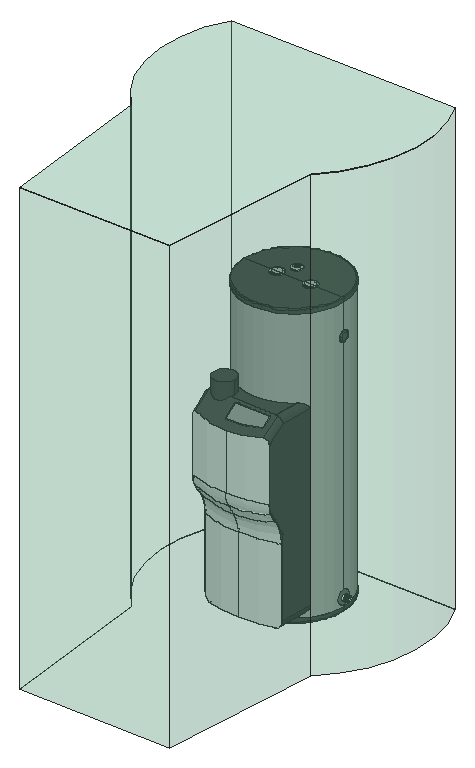
Revit family "Innovo GB_IR 32 380 GB LP", category Mechanical Equipment, Revit 2015
Parameters (values of type "IR-32-380 GB LP")
  Workspace Radius = Diameter + 170 mm  # 780 mm
  Workspace Height = Height + 1000 mm  # 2745 mm
  Workspace Front Distance = 1000 mm
  Working only during off-peak hour = no
  Width = Diameter  # 610 mm
  Workspace [instance] = yes
  Water heating energy efficiency class (2) = "-"
  Water heating energy efficiency class (1) = "A"  # constant formula
  Water heating energy efficiency (2) = "-"
  Water heating energy efficiency (1) = "91%"
  Warranty on tank = "36 months"  # constant formula
  Warranty on parts = "12 months"  # constant formula
  Voltage = 230 V  # constant formula
  Valve Height 02 = if(and(Height = 1745 mm, Diameter = 675 mm), 1518 mm, if(and(Height = 1745 mm, Diameter = 610 mm), 1534 mm, if(Height = 1545 mm, 1328 mm, 1070 mm)))  # 1534 mm
  Valve Height 01 = if(and(Diameter > 560 mm), 693 mm, 604 mm)  # 693 mm
  URL = "www.aosmith.co.uk"
  Type of Packaging = "Carton and Wood"  # constant formula
  Transport Weight = 153 kg
  Trade mark = "A.O. Smith"  # constant formula
  Thermostat temperature setting = 65 °C  # constant formula
  T&P Connection Rp = 1"
  Storage Capacity = 285.0 L
  Standard Set For = "G20"
  Stand-by Loss - daily (24h) = 0 W
  Stand-by Loss = 0 W
  Smart control = no
  Serial Number = "8717449286231"
  Seasonal Energy Efficiency Rating = [Energy Efficiency Rating (Hs, acc NEN-EN 89-1999)]  # 97
  Recovery Rate @ ΔT = 70°C = 290.0 L/s
  Recovery Rate @ ΔT = 55°C = 370.0 L/s
  Recovery Rate @ ΔT = 50°C = 410.0 L/s
  Recovery Rate @ ΔT = 44°C = 460.0 L/s
  Recovery Rate @ ΔT = 28°C = 740.0 L/s
  Product Instruction Link = ""
  Product Documentation Link = ""
  Precaustions during assembling, installation or maintenance = "see User, Installation, Service and Maintenance Manual"  # constant formula
  Power Consumption (peak) = 105 W
  Power Consumption (nominal) = 51 W
  Phase = 1
  Packaging Width = 786 mm  # constant formula
  Packaging Length = 946 mm  # constant formula
  Packaging Height = 1895 mm
  Other load profile = "-"
  Operating Weight = 438 kg
  Nominal Output = "23800"
  Nominal Heat Input (Net) = "22000"
  Nominal Heat Input (Gross) = "23900"
  Noice-level dB (A) = "<45"  # constant formula
  NOx Emissions mg/kWh = "33"
  NOx Emissions (air free, 0% O2) ppm = "21"
  Model identifier = "IR-24-285"
  Model = "IR-24-285 GB NAT"
  Min. Setpoint = 40 °C  # constant formula
  Max. Setpoint = 85 °C  # constant formula
  Max. Operating Pressure = 800000.0 Pa
  Max. Flue Gas Outlet Temperature = 57 °C
  Manufacturer Number = "E 7110"  # constant formula
  Manufacturer = "A.O. Smith Water Products Company b.v."  # constant formula
  Maintenance Interval = "12 months"  # constant formula
  Load profile = "XXL"
  Length = 780 mm  # constant formula
  Insulation Thickness = 44 mm
  Installation Type = "B23/C13/C33/C43/C53/C63"  # constant formula
  Indoor sound power level = "53 dB"
  Hot / Warm Water Connection R = 1"
  Height Warm Water Outlet = 1745 mm
  Height Gas Connection = 905 mm
  Height Flue Outlet = 1350 mm
  Height Cold Water Inlet = 170 mm
  Height Air Inlet = 1350 mm
  Height = 1745 mm
  Heating Up Time @ ΔT = 70°C = "49"
  Heating Up Time @ ΔT = 55°C = "39"
  Heating Up Time @ ΔT = 50°C = "35"
  Heating Up Time @ ΔT = 44°C = "31"
  Heating Up Time @ ΔT = 28°C = "20"
  Gas Supply Pressure = 2000.0 Pa
  Gas Flow Rate - Volume ltr/hr = "2.3"
  Gas Flow Rate - Mass kg/h = "n.a."
  Gas Connection R = 15"  # constant formula
  Gas Category = "II2E3P"  # constant formula
  Frequency = 50 Hz  # constant formula
  Flue Diameter - water heater = "80/125 mm/mm"  # constant formula
  Flue Diameter - parallel system = "2x80"  # constant formula
  Flue Diameter - concentric system = "80/125 mm/mm"  # constant formula
  Energy Efficiency Rating (Hs, acc NEN-EN 89-1999) = 97
  Energy Efficiency Rating (Hi, acc NEN-EN 89-1999) = 108
  Empty Weight = 136 kg
  Draw-off Capacity @ ΔT = 70°C after 90 min. = 630.0 L
  Draw-off Capacity @ ΔT = 70°C after 60 min. = 480.0 L
  Draw-off Capacity @ ΔT = 70°C after 30 min. = 340.0 L
  Draw-off Capacity @ ΔT = 70°C after 120 min. = 780.0 L
  Draw-off Capacity @ ΔT = 55°C after 90 min. = 830.0 L
  Draw-off Capacity @ ΔT = 55°C after 60 min. = 650.0 L
  Draw-off Capacity @ ΔT = 55°C after 30 min. = 460.0 L
  Draw-off Capacity @ ΔT = 55°C after 120 min. = 1100.0 L
  Draw-off Capacity @ ΔT = 50°C after 90 min. = 920.0 L
  Draw-off Capacity @ ΔT = 50°C after 60 min. = 720.0 L
  Draw-off Capacity @ ΔT = 50°C after 30 min. = 510.0 L
  Draw-off Capacity @ ΔT = 50°C after 120 min. = 1200.0 L
  Draw-off Capacity @ ΔT = 44°C after 90 min. = 1100.0 L
  Draw-off Capacity @ ΔT = 44°C after 60 min. = 820.0 L
  Draw-off Capacity @ ΔT = 44°C after 30 min. = 590.0 L
  Draw-off Capacity @ ΔT = 44°C after 120 min. = 1300.0 L
  Draw-off Capacity @ ΔT = 28°C after 90 min. = 1700.0 L
  Draw-off Capacity @ ΔT = 28°C after 60 min. = 1400.0 L
  Draw-off Capacity @ ΔT = 28°C after 30 min. = 960.0 L
  Draw-off Capacity @ ΔT = 28°C after 120 min. = 2100.0 L
  Drain Valve Connection Rp = 3/4"  # constant formula
  Diameter = 610 mm
  Destination / Country = "UK & Ireland"  # constant formula
  Description = "Condensing High Efficiency Storage Water Heater"  # constant formula
  Default Setpoint = 65 °C  # constant formula
  Created By = "http://www.cadcompany.nl/"
  Condens Discharge Connection = 40 mm  # constant formula
  Cold Water Connection R = 3/4"  # constant formula
  Co2 Emissions (tol. +/- 1.0) vol% = "9.3"
  CE-PIN = "0063CQ3037"  # constant formula
  BIM Content Developer = "CAD & Company"  # constant formula
  Assembly Code = "D3010"
  Annual fuel consumption (2) = "-"
  Annual fuel consumption (1) = "21 GJ GCV"
  Annual electricity consumption (2) = "-"
  Annual electricity consumption (1) = "45 kWh"
  APS Pressure < = 210.0 Pa
  2nd Maintenance (general maintenance) = "12 months after installation"  # constant formula
  1e Maintenance (check-up) = "3 months after installation"  # constant formula
Reference planes
  plane 1 "Center (Front/Back)": y = 0
  plane 2: z = 0
  plane 3 "Center (Left/Right)": x = 0
  plane 4 "Pipe": through (-383.901, 912.349, 194.799) normal (-0.0879, -0.0879, 0.9923)
  plane 5 "footing": y = 118.925
  plane 6 "footing front": y = -237.85
  plane 7: x = -305
  plane 8: x = 305
  plane 9: z = 1745
Forms (mm)
  Revolve 1, solid, material "RAL 9005", detail levels medium+fine
    sketch origin (0, -237.85, 0) x (-1, 0, 0) y (0, 0, 1)
      loop
        line (0, 28.9) -> (-15, 28.9) -> (-15, 26.4) -> (-8.671, 26.4) -> (-8.671, 18) -> (-5.686, 18) -> (-6.626, 17.06) -> (-6.626, 12.06) -> (-8.671, 12.06) -> (-8.671, 10) -> (-10.031, 10) -> (-23.271, 5.181)
        arc (-23.271, 5.181) -> (-23.763, 4.836) -> (-24.017, 4.293) r 1.159
        line (-24.017, 4.293) -> (-24.017, 1.03)
        arc (-24.017, 1.03) -> (-23.715, 0.302) -> (-22.986, 0) r 1.03
        line (-22.986, 0) -> (0, 0) -> (0, 28.9)
      axis (0, 28.9) -> (0, 0)
    angle from 0 to 360
  Revolve 2, solid, material "RAL 9005", detail levels medium+fine
    sketch origin (0, 118.925, 0) x (-1, 0, 0) y (0, 0, 1)
      loop
        line (-205.984, 28.9) -> (-220.984, 28.9) -> (-220.984, 26.4) -> (-214.655, 26.4) -> (-214.655, 18) -> (-211.67, 18) -> (-212.61, 17.06) -> (-212.61, 12.06) -> (-214.655, 12.06) -> (-214.655, 10) -> (-216.015, 10) -> (-229.256, 5.181)
        arc (-229.256, 5.181) -> (-229.747, 4.836) -> (-230.001, 4.293) r 1.159
        line (-230.001, 4.293) -> (-230.001, 1.03)
        arc (-230.001, 1.03) -> (-229.699, 0.302) -> (-228.971, 0) r 1.03
        line (-228.971, 0) -> (-205.984, 0) -> (-205.984, 28.9)
      axis (-205.984, 28.9) -> (-205.984, 0)
    angle from 0 to 360
  Revolve 3, solid, material "RAL 9005", detail levels medium+fine
    sketch origin (0, 118.925, 0) x (-1, 0, 0) y (0, 0, 1)
      loop
        line (204.016, 28.9) -> (189.016, 28.9) -> (189.016, 26.4) -> (195.345, 26.4) -> (195.345, 18) -> (198.33, 18) -> (197.39, 17.06) -> (197.39, 12.06) -> (195.345, 12.06) -> (195.345, 10) -> (193.985, 10) -> (180.744, 5.181)
        arc (180.744, 5.181) -> (180.253, 4.836) -> (179.999, 4.293) r 1.159
        line (179.999, 4.293) -> (179.999, 1.03)
        arc (179.999, 1.03) -> (180.301, 0.302) -> (181.029, 0) r 1.03
        line (181.029, 0) -> (204.016, 0) -> (204.016, 28.9)
      axis (204.016, 28.9) -> (204.016, 0)
    angle from 0 to 360
Lines and regions (mm)
  symbolic lines
    curve 1: line (0, 280.06, 0) -> (0, -280.06, 0)
    curve 2: line (-280.06, 0, 0) -> (280.06, 0, 0)
  symbolic lines, style "Workspace"
    curve 3: line (681.142, 380.06, 0) -> (-681.142, 380.06, 0)
    curve 4: arc (-681.142, 380.06, 0) -> (-771.826, -112.627, 0) -> (-544.132, -558.856, 0) r 780
    curve 5: line (-544.132, -558.856, 0) -> (-454.283, -1517.825, 0)
    curve 6: line (-454.283, -1517.825, 0) -> (456.53, -1517.825, 0)
    curve 7: line (456.53, -1517.825, 0) -> (546.343, -556.695, 0)
    curve 8: arc (546.343, -556.695, 0) -> (772.048, -111.097, 0) -> (681.142, 380.06, 0) r 780
Dimensions and locks
  plane 5 "footing" to plane 1 "Center (Front/Back)" = 118.925 mm
  plane 1 "Center (Front/Back)" to plane 6 "footing front" = 237.85 mm
  "Diameter": plane 7 to plane 8
  equal spacing: plane 7, plane 3 "Center (Left/Right)", plane 8
  "Height": plane 9 to plane 2
  "Workspace Front Distance": curve 6 to nested 3
  "Workspace Radius": radius of curve 4
  "Workspace Radius": radius of curve 8
  aligned and locked: level to plane 2
  aligned and locked: nested 3 to Revolve 1 sketch curve
  aligned and locked: plane 3 "Center (Left/Right)" to Revolve 1 sketch curve
  aligned and locked: nested 3 to plane 1 "Center (Front/Back)"
  aligned and locked: plane 3 "Center (Left/Right)" to nested 3
  aligned and locked: nested 1 to plane 8
  aligned and locked: nested 5 to plane 8
  aligned and locked: nested 2 to plane 7
  aligned and locked: nested 4 to plane 7
  aligned and locked: nested 7 to plane 7
  aligned and locked: nested 8 to plane 3 "Center (Left/Right)"
  aligned and locked: plane 1 "Center (Front/Back)" to nested 8
  aligned and locked: nested 8 to nested 3
  aligned and locked: curve 5 to nested 8
  aligned and locked: curve 7 to nested 8
  aligned and locked: curve 3 to nested 8
Automatic sketch dimensions
  Revolve 1 sketch curve to level = 0 mm
  plane 3 "Center (Left/Right)" to Revolve 1 sketch curve = 5.686 mm
  Revolve 1 sketch curve to Revolve 1 sketch curve = 0.94 mm  (x2)
  Revolve 1 sketch curve to Revolve 1 sketch curve = 2.046 mm  (x2)
  Revolve 1 sketch curve to Revolve 1 sketch curve = 1.359 mm
  Revolve 1 sketch curve to Revolve 1 sketch curve = 6.329 mm
  level to Revolve 1 sketch curve = 4.091 mm
  Revolve 1 sketch curve to Revolve 1 sketch curve = 12.844 mm
  level to Revolve 1 sketch curve = 1.03 mm
  Revolve 1 sketch curve to Revolve 1 sketch curve = 0.111 mm
  level to Revolve 1 sketch curve = 5.181 mm
  Revolve 1 sketch curve to Revolve 1 sketch curve = 0.745 mm
  level to Revolve 1 sketch curve = 10 mm
  Revolve 1 sketch curve to Revolve 1 sketch curve = 2.06 mm
  Revolve 1 sketch curve to Revolve 1 sketch curve = 5 mm
  Revolve 1 sketch curve to Revolve 1 sketch curve = 8.4 mm
  Revolve 1 sketch curve to Revolve 1 sketch curve = 2.5 mm
  Revolve 1 sketch curve to level = 19.635 mm
  Revolve 1 sketch curve to Revolve 1 sketch curve = 46.465 mm
  Revolve 2 sketch curve to level = 0 mm
  level to Revolve 2 sketch curve = 1.03 mm
  Revolve 2 sketch curve to plane 8 = 74.999 mm
  level to Revolve 2 sketch curve = 5.181 mm
  Revolve 2 sketch curve to Revolve 2 sketch curve = 0.745 mm
  Revolve 2 sketch curve to Revolve 2 sketch curve = 0.397 mm
  Revolve 2 sketch curve to Revolve 2 sketch curve = 8.271 mm
  Revolve 2 sketch curve to Revolve 2 sketch curve = 13.241 mm
  Revolve 2 sketch curve to Revolve 2 sketch curve = 1.359 mm
  Revolve 2 sketch curve to Revolve 2 sketch curve = 6.329 mm
  Revolve 2 sketch curve to Revolve 2 sketch curve = 2.046 mm
  level to Revolve 2 sketch curve = 18 mm
  Revolve 2 sketch curve to Revolve 2 sketch curve = 0.94 mm  (x2)
  Revolve 2 sketch curve to Revolve 2 sketch curve = 8.671 mm
  Revolve 2 sketch curve to Revolve 2 sketch curve = 1.089 mm
  Revolve 2 sketch curve to Revolve 2 sketch curve = 8 mm
  Revolve 2 sketch curve to Revolve 2 sketch curve = 2.06 mm
  Revolve 2 sketch curve to Revolve 2 sketch curve = 8.4 mm
  Revolve 2 sketch curve to Revolve 2 sketch curve = 2.5 mm
  Revolve 2 sketch curve to Revolve 2 sketch curve = 0 mm
  Revolve 2 sketch curve to level = 19.635 mm
  Revolve 2 sketch curve to Revolve 2 sketch curve = 46.465 mm
  Revolve 3 sketch curve to level = 0 mm
  level to Revolve 3 sketch curve = 1.03 mm
  Revolve 3 sketch curve to plane 7 = 125.001 mm
  level to Revolve 3 sketch curve = 5.181 mm
  Revolve 3 sketch curve to Revolve 3 sketch curve = 0.745 mm
  Revolve 3 sketch curve to Revolve 3 sketch curve = 0.397 mm
  Revolve 3 sketch curve to Revolve 3 sketch curve = 8.271 mm
  Revolve 3 sketch curve to Revolve 3 sketch curve = 13.241 mm
  Revolve 3 sketch curve to Revolve 3 sketch curve = 1.359 mm
  Revolve 3 sketch curve to Revolve 3 sketch curve = 6.329 mm
  Revolve 3 sketch curve to Revolve 3 sketch curve = 2.046 mm
  level to Revolve 3 sketch curve = 18 mm
  Revolve 3 sketch curve to Revolve 3 sketch curve = 0.94 mm  (x2)
  Revolve 3 sketch curve to Revolve 3 sketch curve = 8.671 mm
  Revolve 3 sketch curve to Revolve 3 sketch curve = 1.089 mm
  Revolve 3 sketch curve to Revolve 3 sketch curve = 8 mm
  Revolve 3 sketch curve to Revolve 3 sketch curve = 2.06 mm
  Revolve 3 sketch curve to Revolve 3 sketch curve = 8.4 mm
  Revolve 3 sketch curve to Revolve 3 sketch curve = 2.5 mm
  Revolve 3 sketch curve to Revolve 3 sketch curve = 0 mm
  Revolve 3 sketch curve to level = 19.635 mm
  Revolve 3 sketch curve to Revolve 3 sketch curve = 46.465 mm
  curve 4 to curve 8 = 0 mm  (x2)
  plane 1 "Center (Front/Back)" to curve 2 = 0 mm
  curve 1 to plane 3 "Center (Left/Right)" = 0 mm
  plane 1 "Center (Front/Back)" to curve 4 = 0 mm
  curve 4 to plane 3 "Center (Left/Right)" = 0 mm
  curve 2 to plane 7 = 24.94 mm
  curve 2 to plane 8 = 24.94 mm
  curve 1 to plane 6 "footing front" = 42.21 mm
  plane 5 "footing" to curve 1 = 161.135 mm
Nested families
  nested 1: "Valve" at (305, -0.38, 1534) x (0, 1, 0) z (0, 0, 1), built-in parameter 1001364 <- "Valve Height 02", type "Valve"
  nested 2: "Drain Valve" at (-305, 0, 1534), built-in parameter 1001364 <- "Valve Height 02", type "Drain Valve"
  nested 3: "Housing Mother Housing S 57 (external)" at (0, -299.886, 0), type "Housing Mother_Housing S_57"
    with radius 305 mm, distance to boiler center 154 mm, diameter 610 mm
  nested 4: "Drain Valve" at (-305, 0, 177), type "Drain Valve"
  nested 5: "Drain Valve" at (305, 0, 107) x (-1, 0, 0) z (0, 0, 1), type "Drain Valve"
  nested 6: "Boiler" at (0, 0, 0), height <- "Height", type "Boiler"
    with height 1745 mm, radius 305 mm, Diameter 610 mm
  nested 7: "Drain Valve" at (-305, 0, 693), built-in parameter 1001364 <- "Valve Height 01", type "Drain Valve"
  nested 8: "Innovo_workspace" at (0, 0, 0), Workspace <- "Workspace", Workspace Distance Front <- "Workspace Front Distance", Workspace Height <- "Workspace Height", Workspace Radius <- "Workspace Radius", type "Workspace"
    with Workspace Radius 780 mm, Workspace Height 2745 mm, Workspace Distance Front 1000 mm, Workspace yes, Center to Front 517.825 mm
Connectors
  piping at (339.826, 0, 107), diameter 19.05, driven by "Drain Valve Connection Rp"
    settings: on nested 5, index 1, connector inside diameter 24", connector length 0 mm, flow factor 0, pipe flow 0.0 L/s, pressure drop 0.0 Pa, fitting loss kfactor 0, connector angle 0.00°, fixture units 0, engagement length 0 mm, angle of deflection 0.00°, flow configuration 0, flow direction 0, fitting loss method 0, system type 19, joint type 0, gender type 0, connector reference index -1, connector utility 0, adjustable connector no, is connector primary yes, connector description ""
  hvac at (-147.013, -346.326, 1310.674)
    settings: on nested 3, index 2, duct flow 0.0 L/s, flow factor 0, pres drop 0.0 Pa, loss coef 0, conn angle 0.00°, conn width 304.8 mm, conn height 304.8 mm, conn diameter 125 mm, duct sys type 4, conn prof type 0, flow config 0, flow direction 0, loss method 0, conn ref index -1, conn util no, is conn primary yes, conn desc ""
Definition of nested family "Valve"
  Parameters (values of type "Valve")
    Type Comments = "T&P valve (internal)"
    Manufacturer = "A.O. Smith"
  Reference planes
    plane 1 "Center (Front/Back)": y = 0
    plane 2: z = 0
    plane 3 "Center (Left/Right)": x = 0
  Forms (mm)
    Extrusion 1, solid, detail levels fine
      sketch origin (0, 0, 0) x (1, 0, 0) y (0, 0, 1)
        loop
          circle (0, 0) r 31.5
      from -2.271 to 1.4
    Sweep 2, solid, detail levels fine
      path origin (0, -1.4, 0) x (1, 0, 0) y (0, 0, 1)
        loop
          circle (0, 0) r 31.5
      profile origin (0, -1.4, 31.5) x (0, 0, -1) y (0, -1, 0)
        loop
          line (7.3, 0) -> (7.3, 3) -> (0, 0) -> (7.3, 0)
  Dimensions and locks
    aligned and locked: level to plane 2
Definition of nested family "Drain Valve"
  Reference planes
    plane 1 "Center (Front/Back)": y = 0
    plane 2: z = 0
    plane 3 "Center (Left/Right)": x = 0
  Forms (mm)
    Revolve 1, solid, detail levels medium+fine
      sketch origin (0, 0, 0) x (1, 0, 0) y (0, 0, 1)
        loop
          line (-33.442, 15.696) -> (-34.826, 14.329) -> (-34.93, 12.731) -> (-16.555, 12.731) -> (-16.555, 0) -> (15.787, 0) -> (15.787, 18.3) -> (-14.4, 18.3) -> (-17.148, 15.533) -> (-18.729, 16.697) -> (-20.091, 15.333) -> (-21.672, 16.496) -> (-23.034, 15.133) -> (-24.614, 16.296) -> (-25.976, 14.932) -> (-27.557, 16.096) -> (-28.919, 14.732) -> (-30.5, 15.896) -> (-31.862, 14.532) -> (-33.442, 15.696)
        axis (-34.93, 0) -> (15.787, 0)
      angle from 0 to 360
  Dimensions and locks
    aligned and locked: level to plane 2
  Nested families
    nested 1: "Rubber sealing" at (2.592, -0.155, 0) x (0.0023, -1, 0) z (0, 0, 1), type "Rubber sealing", detail levels fine
  Definition of nested family "Rubber sealing"
    Reference planes
      plane 1 "Center (Front/Back)": y = 0
      plane 2: z = 0
      plane 3 "Center (Left/Right)": x = 0
    Forms (mm)
      Extrusion 1, solid, detail levels fine
        sketch origin (141.861, 319.581, 0) x (1, 0, 0) y (0, 1, 0)
          loop
            line (-216.354, -311.898) -> (-216.354, -313.94)
            arc (-216.354, -313.94) -> (-141.602, -321.581) -> (-66.861, -313.835) r 366.966
            line (-66.861, -313.835) -> (-66.861, -311.791)
            arc (-66.861, -311.791) -> (-141.602, -319.581) -> (-216.354, -311.898) r 364.966
        from -80 to 80
      Extrusion 2, void
        sketch origin (141.861, 319.581, 0) x (1, 0, 0) y (0, 0, 1)
          loop
            circle (-141.861, 0) r 13
          loop
            circle (-141.861, 0) r 110
          loop
            circle (-141.861, 0) r 40
        from 311.563 to 332.684
      Extrusion 3, void
        sketch origin (141.861, 319.581, 0) x (1, 0, 0) y (0, 0, 1)
          loop
            circle (-141.861, 0) r 18.25
        from 315.524 to 326.084
    Cuts and joins
      Extrusion 2, Extrusion 3 cuts Extrusion 1
    Dimensions and locks
      aligned and locked: level to plane 2
Definition of nested family "Housing Mother Housing S 57 (external)"
  Parameters (values of type "Housing Mother_Housing S_57")
    radius [instance] = 280 mm
    distance to boiler center = if(diameter = 675 mm, 189 mm, if(diameter = 610 mm, 154 mm, 129 mm))  # 129 mm
    diameter = 560 mm
  Reference planes
    plane 1 "Center (Front/Back)": y = 0
    plane 2: z = 0
    plane 3 "Center (Left/Right)": x = 0
    plane 4 "left": through (-245.286, 145.886, 1200) normal (0.9994, 0.0349, 0)
    plane 5: y = -217.939
    plane 6: y = 145.886
    plane 7: z = 1232.6
    plane 8: z = 65.89
    plane 9 "right": through (245.286, 145.886, 1200) normal (0.9994, -0.0349, 0)
    plane 10 "display": through (0, -90.37, 1221.196) normal (0, -0.5736, 0.8192)
    plane 11 "Potentiostat": z = 867.899
    plane 12 "boiler center": y = 274.886
    plane 13: x = -280
    plane 14: x = 280
  Forms (mm)
    Extrusion 1, solid
      sketch origin (0, 0, 0) x (1, 0, 0) y (0, 1, 0)
        loop
          line (-245.286, 145.886) -> (-232.581, -217.939) -> (232.581, -217.939) -> (245.286, 145.886)
          arc (245.286, 145.886) -> (0, 0.923) -> (-245.286, 145.886) r 280
      from 0 to 1232.6
    Sweep 2, void
      path origin (0, 0, 0) x (0, 1, 0) y (0, 0, 1)
        loop
          line (-217.939, 1232.6) -> (-217.939, 795.555)
          arc (-217.939, 795.555) -> (-212.387, 754.285) -> (-197.694, 715.322) r 183.924
          arc (-197.694, 715.322) -> (-179.915, 684.628) -> (-159.106, 655.901) r 348.284
          arc (-159.106, 655.901) -> (-131.411, 600.328) -> (-121.88, 538.973) r 202.254
          line (-121.88, 538.973) -> (-121.88, 61.106)
      profile origin (0, -217.939, 1014.077) x (1, 0, 0) y (0, 1, 0)
        loop
          arc (0, 0) -> (-117.533, 9.941) -> (-231.728, 39.475) r 699.984
          arc (-231.728, 39.475) -> (-233.391, 40.705) -> (-234.07, 42.659) r 3.505
          line (-234.07, 42.659) -> (-254.062, 42.659) -> (-254.062, -142.593) -> (254.07, -142.593) -> (254.07, 42.659) -> (234.07, 42.659)
          arc (234.07, 42.659) -> (233.391, 40.705) -> (231.728, 39.475) r 3.505
          arc (231.728, 39.475) -> (117.533, 9.941) -> (0, 0) r 699.984
    Extrusion 3, void
      sketch origin (0, 0, 0) x (0, 1, 0) y (0, 0, 1)
        loop
          arc (102.864, 70.869) -> (99.804, 70.709) -> (96.874, 69.813) r 12.57
          arc (96.874, 69.813) -> (87.878, 66.533) -> (78.516, 64.529) r 69.114
          arc (78.516, 64.529) -> (76.41, 64.284) -> (74.294, 64.148) r 41.206
          arc (74.294, 64.148) -> (65.203, 64.335) -> (56.122, 64.782) r 318.661
          arc (56.122, 64.782) -> (30.585, 66.179) -> (5.028, 67.128) r 1456.581
          line (5.028, 67.128) -> (-84.534, 73.135)
          arc (-84.534, 73.135) -> (-86.363, 73.808) -> (-87.536, 75.365) r 3.455
          line (-87.536, 75.365) -> (-264.473, 75.365) -> (-264.473, 0) -> (160.886, 0) -> (160.886, 103.945) -> (145.886, 103.945)
          arc (145.886, 103.945) -> (145.104, 97.827) -> (142.923, 92.059) r 26.364
          arc (142.923, 92.059) -> (141.067, 88.936) -> (138.867, 86.045) r 31.715
          arc (138.867, 86.045) -> (135.576, 82.49) -> (132.021, 79.2) r 62.615
          arc (132.021, 79.2) -> (125.841, 74.697) -> (119.091, 71.103) r 54.444
          arc (119.091, 71.103) -> (116.371, 70.272) -> (113.531, 70.123) r 11.669
          line (113.531, 70.123) -> (102.864, 70.869)
      from -254.062 to 254.07
    Sweep 4, void
      path origin (0, 0, 0) x (1, 0, 0) y (0, 1, 0)
        loop
          line (-245.286, 145.886) -> (-232.581, -217.939)
      profile origin (-238.933, -36.027, 0) x (0.999391, 0.034899, 0) y (0, 0, 1)
        loop
          line (-4.454, 0) -> (47.084, 0) -> (47.084, 73.431)
          arc (47.084, 73.431) -> (14.222, 85.134) -> (0.255, 117.1) r 43.922
          line (0.255, 117.1) -> (-4.454, 117.1) -> (-4.454, 0)
    Sweep 5, void
      path origin (0, 0, 0) x (-1, 0, 0) y (0, 1, 0)
        loop
          line (-245.286, 145.886) -> (-232.581, -217.939)
      profile origin (238.933, -36.027, 0) x (0.999391, -0.034899, 0) y (0, 0, 1)
        loop
          line (4.454, 0) -> (4.454, 117.1) -> (-0.255, 117.1)
          arc (-0.255, 117.1) -> (-14.222, 85.134) -> (-47.084, 73.431) r 43.922
          line (-47.084, 73.431) -> (-47.084, 0) -> (4.454, 0)
    Sweep 6, void
      path origin (-239.899, -8.377, 0) x (-0.034899, 0.999391, 0) y (0, 0, 1)
        loop
          line (-209.69, 1141.272) -> (-79.18, 1232.6) -> (154.358, 1232.6)
      profile origin (-241.211, 29.188, 1232.6) x (0, 0, 1) y (0.999391, 0.034899, 0)
        loop
          line (-45, -30) -> (75, -30) -> (75, 0) -> (75, 55) -> (2.799, 55) -> (-1.253, 35.128)
          arc (-1.253, 35.128) -> (-16.771, 9.564) -> (-45, -0.308) r 44.287
          line (-45, -0.308) -> (-45, -30)
    Sweep 7, void
      path origin (239.899, -8.377, 0) x (0.034899, 0.999391, 0) y (0, 0, 1)
        loop
          line (-209.69, 1141.272) -> (-79.18, 1232.6) -> (154.358, 1232.6)
      profile origin (241.211, 29.188, 1232.6) x (0, 0, -1) y (-0.999391, 0.034899, 0)
        loop
          line (-75, -25) -> (45, -25) -> (45, -0.308)
          arc (45, -0.308) -> (16.771, 9.564) -> (1.253, 35.128) r 44.287
          line (1.253, 35.128) -> (-2.799, 55) -> (-75, 55) -> (-75, -25)
    Extrusion 8, void
      sketch origin (0, 0, 0) x (0, 1, 0) y (0, 0, 1)
        loop
          line (-270, 1336.099) -> (-270, 1099.081) -> (68.497, 1336.099) -> (-270, 1336.099)
      from -425.038 to 444.42
    Extrusion 9, solid, detail levels medium+fine
      sketch origin (0, 0, 0) x (1, 0, 0) y (0, 1, 0)
        loop
          circle (-147.013, -46.44) r 65
      from 1163.174 to 1310.674
    Extrusion 10, void
      sketch origin (0, -603.506, 861.895) x (0, 0.819152, 0.573576) y (-1, 0, 0)
        loop
          arc (618.322, -173) -> (623.272, -170.95) -> (625.322, -166) r 7
          line (625.322, -166) -> (625.322, 35)
          arc (625.322, 35) -> (623.272, 39.95) -> (618.322, 42) r 7
          line (618.322, 42) -> (535.473, 42)
          arc (535.473, 42) -> (530.688, 40.11) -> (528.488, 35.46) r 7
          arc (528.488, 35.46) -> (531.569, -67.592) -> (554.18, -168.18) r 540
          arc (554.18, -168.18) -> (556.724, -171.668) -> (560.831, -173) r 7
          line (560.831, -173) -> (618.322, -173)
      from 0 to 137.286
    Sweep 11, solid, detail levels fine
      path origin (0, 0, 867.899) x (-1, 0, 0) y (0, -1, 0)
        loop
          line (309.749, -35.617) -> (204.371, -35.617)
          arc (204.371, -35.617) -> (196.509, -34.687) -> (189.082, -31.947) r 33.677
          line (189.082, -31.947) -> (-9.574, 69.274)
      profile origin (-257.06, 35.617, 867.899) x (0, 1, 0) y (0, 0, 1)
        loop
          circle (0, 0) r 7.316
        loop
          circle (0, 0) r 6.465
    Revolve 12, void
      sketch origin (0, 274.886, 0) x (-1, 0, 0) y (0, 0, 1)
        loop
          line (280, 1243.838) -> (0, 1243.838) -> (0, 54.9) -> (280, 54.9) -> (280, 1243.838)
        axis (0, 1243.838) -> (0, 54.9)
      angle from 0 to 360
  Cuts and joins
    Sweep 2, Extrusion 3, Sweep 4, Sweep 5, Sweep 6, Sweep 7, Extrusion 8, Extrusion 10, Revolve 12 cuts Extrusion 1
  Dimensions and locks
    plane 8 to plane 2 = 65.89 mm
    plane 7 to plane 8 = 1166.71 mm
    "distance to boiler center": plane 12 "boiler center" to plane 6
    "diameter": plane 14 to plane 13
    equal spacing: plane 14, plane 3 "Center (Left/Right)", plane 13
    "radius": plane 3 "Center (Left/Right)" to plane 13
    aligned and locked: level to plane 2
    aligned and locked: Extrusion 1 to plane 7
    aligned and locked: Extrusion 1 sketch curve to plane 5
    aligned and locked: Sweep 2 to Extrusion 3
    aligned and locked: Extrusion 3 to Sweep 2  (x2)
    aligned and locked: plane 7 to Sweep 2 sketch curve
    aligned and locked: plane 3 "Center (Left/Right)" to Revolve 12 sketch curve
    aligned and locked: Revolve 12 sketch curve to plane 3 "Center (Left/Right)"
    aligned and locked: plane 13 to Revolve 12 sketch curve
  Automatic sketch dimensions
    Extrusion 1 sketch curve to plane 4 "left" = 0 mm  (x2)
    Extrusion 1 sketch curve to plane 6 = 0 mm  (x2)
    Extrusion 1 sketch curve to plane 3 "Center (Left/Right)" = 0 mm
    Extrusion 1 sketch curve to plane 9 "right" = 0 mm
    plane 6 to Extrusion 1 sketch curve = 135.037 mm
    Sweep 2 sketch curve to plane 5 = 0 mm
    plane 5 to Sweep 2 sketch curve = 106.195 mm
    Sweep 2 sketch curve to plane 5 = 96.059 mm
    plane 1 "Center (Front/Back)" to Sweep 2 sketch curve = 34.053 mm
    plane 11 "Potentiostat" to Sweep 2 sketch curve = 6.417 mm
    Sweep 2 sketch curve to plane 6 = 33.705 mm
    Sweep 2 sketch curve to plane 11 "Potentiostat" = 68.615 mm
    Sweep 2 sketch curve to plane 11 "Potentiostat" = 72.345 mm
    Sweep 2 sketch curve to Sweep 2 sketch curve = 176.349 mm
    Sweep 2 sketch curve to Sweep 2 sketch curve = 0 mm  (x2)
    plane 8 to Sweep 2 sketch curve = 4.784 mm
    Extrusion 3 sketch curve to level = 0 mm
    Extrusion 3 sketch curve to plane 6 = 0 mm
    Extrusion 3 sketch curve to plane 6 = 26.363 mm
    Extrusion 3 sketch curve to Extrusion 3 sketch curve = 4.75 mm
    Extrusion 3 sketch curve to Extrusion 3 sketch curve = 5.179 mm
    Extrusion 3 sketch curve to plane 8 = 4.232 mm
    Extrusion 3 sketch curve to Extrusion 3 sketch curve = 0.814 mm
    Extrusion 3 sketch curve to plane 8 = 4.978 mm
    Extrusion 3 sketch curve to Extrusion 3 sketch curve = 10.667 mm
    Extrusion 3 sketch curve to Extrusion 3 sketch curve = 0.877 mm
    Extrusion 3 sketch curve to Extrusion 3 sketch curve = 17.827 mm
    Extrusion 3 sketch curve to Extrusion 3 sketch curve = 5.646 mm
    Extrusion 3 sketch curve to plane 6 = 69.562 mm
    Extrusion 3 sketch curve to Extrusion 3 sketch curve = 18.6 mm
    Extrusion 3 sketch curve to Extrusion 3 sketch curve = 22.538 mm
    Extrusion 3 sketch curve to plane 8 = 1.238 mm
    Extrusion 3 sketch curve to plane 1 "Center (Front/Back)" = 5.028 mm
    plane 1 "Center (Front/Back)" to Extrusion 3 sketch curve = 36.224 mm
    Extrusion 3 sketch curve to plane 8 = 10.692 mm
    plane 1 "Center (Front/Back)" to Extrusion 3 sketch curve = 84.302 mm
    Extrusion 3 sketch curve to plane 8 = 7.244 mm
    Extrusion 3 sketch curve to Extrusion 3 sketch curve = 0.231 mm
    Extrusion 3 sketch curve to Extrusion 3 sketch curve = 3.234 mm
    plane 5 to Extrusion 3 sketch curve = 46.534 mm
    plane 6 to Extrusion 3 sketch curve = 15 mm
    Extrusion 3 sketch curve to level = 1388.869 mm
    plane 8 to Extrusion 3 sketch curve = 7.561 mm
    Extrusion 3 sketch curve to Extrusion 3 sketch curve = 11.64 mm
    Extrusion 3 sketch curve to plane 8 = 38.054 mm
    Extrusion 3 sketch curve to Extrusion 3 sketch curve = 22.442 mm
    Extrusion 3 sketch curve to plane 8 = 39.432 mm
    Extrusion 3 sketch curve to Extrusion 3 sketch curve = 2.466 mm
    Extrusion 3 sketch curve to Extrusion 3 sketch curve = 14.17 mm
    Extrusion 3 sketch curve to Extrusion 3 sketch curve = 5.925 mm
    Extrusion 3 sketch curve to Extrusion 3 sketch curve = 6.186 mm
    Extrusion 3 sketch curve to Extrusion 3 sketch curve = 249.85 mm
    Extrusion 3 sketch curve to Extrusion 3 sketch curve = 0 mm  (x4)
    Extrusion 3 sketch curve to Extrusion 3 sketch curve = 6.845 mm
    plane 8 to Extrusion 3 sketch curve = 1.743 mm
    Sweep 4 sketch curve to plane 4 "left" = 0 mm  (x2)
    Sweep 4 sketch curve to plane 6 = 0 mm
    plane 5 to Sweep 4 sketch curve = 0 mm
    Sweep 4 sketch curve to level = 0 mm
    profile plane to Sweep 4 sketch curve = 4.454 mm
    Sweep 4 sketch curve to profile plane = 0.255 mm
    Sweep 4 sketch curve to Sweep 4 sketch curve = 43.922 mm
    Sweep 4 sketch curve to profile plane = 47.084 mm
    level to Sweep 4 sketch curve = 73.431 mm
    Sweep 4 sketch curve to Sweep 4 sketch curve = 43.669 mm
    Sweep 5 sketch curve to plane 6 = 0 mm
    Sweep 5 sketch curve to plane 9 "right" = 0 mm  (x2)
    plane 5 to Sweep 5 sketch curve = 0 mm
    Sweep 5 sketch curve to level = 0 mm
    profile plane to Sweep 5 sketch curve = 47.084 mm
    Sweep 5 sketch curve to Sweep 5 sketch curve = 2.907 mm
    profile plane to Sweep 5 sketch curve = 0.255 mm
    Sweep 5 sketch curve to profile plane = 4.454 mm
    level to Sweep 5 sketch curve = 73.431 mm
    Sweep 5 sketch curve to Sweep 5 sketch curve = 43.669 mm
    Sweep 6 sketch curve to plane 7 = 0 mm
    plane 7 to Sweep 6 sketch curve = 91.328 mm
    Sweep 6 sketch curve to Sweep 6 sketch curve = 130.509 mm
    Sweep 6 sketch curve to Sweep 6 sketch curve = 233.538 mm
    Sweep 6 sketch curve to plane 4 "left" = 0 mm
    profile plane to Sweep 6 sketch curve = 45 mm
    Sweep 6 sketch curve to Sweep 6 sketch curve = 0.354 mm
    profile plane to Sweep 6 sketch curve = 1.253 mm
    Sweep 6 sketch curve to profile plane = 2.799 mm
    Sweep 6 sketch curve to Sweep 6 sketch curve = 72.201 mm
    Sweep 6 sketch curve to plane 4 "left" = 0.308 mm
    Sweep 6 sketch curve to Sweep 6 sketch curve = 29.692 mm
    plane 4 "left" to Sweep 6 sketch curve = 35.128 mm
    plane 4 "left" to Sweep 6 sketch curve = 55 mm
    Sweep 7 sketch curve to plane 7 = 0 mm
    Sweep 7 sketch curve to plane 7 = 91.328 mm
    Sweep 7 sketch curve to Sweep 7 sketch curve = 130.509 mm
    Sweep 7 sketch curve to Sweep 7 sketch curve = 233.538 mm
    Sweep 7 sketch curve to plane 9 "right" = 25 mm
    profile plane to Sweep 7 sketch curve = 75 mm
    profile plane to Sweep 7 sketch curve = 2.799 mm
    Sweep 7 sketch curve to profile plane = 1.253 mm
    Sweep 7 sketch curve to Sweep 7 sketch curve = 43.393 mm
    Sweep 7 sketch curve to profile plane = 45 mm
    Sweep 7 sketch curve to plane 9 "right" = 0.308 mm
    plane 9 "right" to Sweep 7 sketch curve = 35.128 mm
    Sweep 7 sketch curve to Sweep 7 sketch curve = 19.872 mm
    plane 5 to Extrusion 8 sketch curve = 52.061 mm
    Extrusion 8 sketch curve to plane 1 "Center (Front/Back)" = 68.497 mm
    plane 7 to Extrusion 8 sketch curve = 133.519 mm
    Extrusion 8 sketch curve to plane 7 = 103.499 mm
    plane 1 "Center (Front/Back)" to Extrusion 9 sketch curve = 46.44 mm
    Extrusion 9 sketch curve to plane 3 "Center (Left/Right)" = 147.013 mm
    Extrusion 10 sketch curve to plane 3 "Center (Left/Right)" = 0 mm
    Extrusion 10 sketch curve to plane 3 "Center (Left/Right)" = 35 mm
    Extrusion 10 sketch curve to Extrusion 10 sketch curve = 25.359 mm
    Extrusion 10 sketch curve to Extrusion 10 sketch curve = 57.491 mm
    Extrusion 10 sketch curve to plane 3 "Center (Left/Right)" = 42 mm
    Extrusion 10 sketch curve to Extrusion 10 sketch curve = 82.85 mm
    Extrusion 10 sketch curve to Extrusion 10 sketch curve = 7 mm
    Extrusion 10 sketch curve to Extrusion 10 sketch curve = 442 mm
    plane 3 "Center (Left/Right)" to Extrusion 10 sketch curve = 166 mm
    Extrusion 10 sketch curve to Extrusion 10 sketch curve = 0 mm  (x2)
    Sweep 11 sketch curve to plane 1 "Center (Front/Back)" = 31.947 mm
    Sweep 11 sketch curve to plane 3 "Center (Left/Right)" = 189.082 mm
    Sweep 11 sketch curve to plane 1 "Center (Front/Back)" = 1.94 mm
    Sweep 11 sketch curve to Sweep 11 sketch curve = 15.289 mm
    plane 3 "Center (Left/Right)" to Sweep 11 sketch curve = 9.574 mm
    Sweep 11 sketch curve to Sweep 11 sketch curve = 105.378 mm
    plane 1 "Center (Front/Back)" to Sweep 11 sketch curve = 69.274 mm
    Sweep 11 sketch curve to Sweep 11 sketch curve = 0 mm  (x2)
    Sweep 11 sketch curve to plane 11 "Potentiostat" = 0 mm
    Sweep 11 sketch curve to profile plane = 0 mm
    plane 8 to Revolve 12 sketch curve = 10.99 mm
    Revolve 12 sketch curve to plane 7 = 11.238 mm
    Revolve 12 sketch curve to level = 366.045 mm
    Revolve 12 sketch curve to Revolve 12 sketch curve = 971.917 mm
    Sweep 2 sketch curve to plane 3 "Center (Left/Right)" = 0 mm
    profile plane to Sweep 2 sketch curve = 0 mm
    Sweep 2 sketch curve to plane 3 "Center (Left/Right)" = 0.016 mm
    Sweep 2 sketch curve to profile plane = 42.782 mm  (x2)
    Sweep 2 sketch curve to plane 3 "Center (Left/Right)" = 230.568 mm
    plane 3 "Center (Left/Right)" to Sweep 2 sketch curve = 0.016 mm
    plane 3 "Center (Left/Right)" to Sweep 2 sketch curve = 230.568 mm
    Sweep 2 sketch curve to Sweep 2 sketch curve = 3.502 mm  (x2)
    Sweep 2 sketch curve to Sweep 2 sketch curve = 20 mm
    profile plane to Sweep 2 sketch curve = 142.593 mm
    Sweep 2 sketch curve to Sweep 2 sketch curve = 0.122 mm  (x2)
    Sweep 2 sketch curve to Sweep 2 sketch curve = 657.203 mm
    Sweep 2 sketch curve to Sweep 2 sketch curve = 19.991 mm
    radius of Extrusion 9 sketch curve = 65 mm
    radius of Sweep 11 sketch curve = 7.316 mm
    radius of Sweep 11 sketch curve = 6.465 mm
  Nested families
    nested 1: "display" at (65.5, -130.939, 1192.79) x (-1, 0, 0) z (0, -0.5736, 0.8192), type "display"
  Definition of nested family "display"
    Parameters (values of type "display")
      Default Elevation = 1219.2 mm
    Reference planes
      plane 1 "Center (Front/Back)": y = 0
      plane 2: z = 0
      plane 3 "Center (Left/Right)": x = 0
    Forms (mm)
      Extrusion 1, solid, detail levels medium+fine
        sketch origin (-16.958, 11.842, -343.878) x (1, 0, 0) y (0, 0, -1)
          loop
            line (-233.523, -343.878) -> (-233.523, -346.592) -> (332.686, -346.592) -> (332.686, -343.878) -> (-233.523, -343.878)
        from -228.7 to 150.822
      Extrusion 2, void
        sketch origin (-16.958, 6.842, -343.878) x (1, 0, 0) y (0, 1, 0)
          loop
            line (-233.523, 155.822) -> (-233.523, -223.7) -> (332.686, -223.7) -> (332.686, 155.822) -> (-233.523, 155.822)
          loop
            arc (-90.542, -48.267) -> (-88.492, -53.216) -> (-83.542, -55.267) r 7
            line (-83.542, -55.267) -> (117.458, -55.267)
            arc (117.458, -55.267) -> (122.408, -53.216) -> (124.458, -48.267) r 7
            line (124.458, -48.267) -> (124.458, 34.583)
            arc (124.458, 34.583) -> (122.568, 39.368) -> (117.918, 41.568) r 7
            arc (117.918, 41.568) -> (14.866, 38.487) -> (-85.722, 15.876) r 540
            arc (-85.722, 15.876) -> (-89.21, 13.332) -> (-90.542, 9.224) r 7
            line (-90.542, 9.224) -> (-90.542, -48.267)
        from 328.878 to 363.083
    Cuts and joins
      Extrusion 2 cuts Extrusion 1
    Dimensions and locks
      aligned and locked: level to plane 2
Definition of nested family "Boiler"
  Parameters (values of type "Boiler")
    radius [instance] = 280 mm
    height [instance] = 1270 mm
    Diameter = 560 mm
  Reference planes
    plane 1 "Center (Front/Back)": y = 0
    plane 2: z = 0
    plane 3 "Center (Left/Right)": x = 0
    plane 4: z = 1243.838
    plane 5: z = 1270
    plane 6 "bottom": z = 28.9
    plane 7: z = 54.9
    plane 8 "top controle": y = 88
    plane 9: x = -280
    plane 10: x = 280
  Forms (mm)
    Revolve 1, solid
      sketch origin (0, 0, 0) x (1, 0, 0) y (0, 0, 1)
        loop
          line (0, 54.9) -> (-280, 54.9) -> (-280, 32.9)
          arc (-280, 32.9) -> (-278.828, 30.072) -> (-276, 28.9) r 4
          line (-276, 28.9) -> (0, 28.9) -> (0, 54.9)
        axis (0, 28.9) -> (0, 54.9)
      angle from 0 to 360
    Revolve 2, solid
      sketch origin (1.311, 0, 0) x (1, 0, 0) y (0, 0, 1)
        loop
          line (-278.86, 1243.838) -> (-278.86, 54.9) -> (-1.311, 54.9) -> (-1.311, 1243.838) -> (-278.86, 1243.838)
        axis (-1.311, 1243.838) -> (-1.311, 54.9)
      angle from 0 to 360
    Revolve 3, solid
      sketch origin (-9.205, 0, 377.212) x (-1, 0, 0) y (0, 0, 1)
        loop
          line (-148.904, 892.788) -> (-110.805, 892.788) -> (-110.805, 895.963) -> (-141.883, 895.963) -> (-148.904, 893.62) -> (-148.904, 892.788)
        axis (-110.805, 892.788) -> (-110.805, 895.963)
      angle from 0 to 360
    Revolve 4, solid
      sketch origin (0, 0, 718.065) x (1, 0, 0) y (0, 0, -1)
        loop
          line (0, -525.773) -> (-280, -525.773) -> (-280, -547.935)
          arc (-280, -547.935) -> (-278.828, -550.763) -> (-276, -551.935) r 4
          line (-276, -551.935) -> (0, -551.935) -> (0, -525.773)
        axis (0, -551.935) -> (0, -525.773)
      angle from 0 to 360
    Revolve 5, solid
      sketch origin (0, 88, 0) x (1, 0, 0) y (0, 0, 1)
        loop
          line (-19.051, 1270) -> (-19.051, 1271.074) -> (-32.63, 1275.604) -> (-32.63, 1271.117) -> (-37.266, 1271.117) -> (-38.383, 1270) -> (-19.051, 1270)
        axis (-50.8, 1270) -> (-50.8, 1275.604)
      angle from 0 to 360
    Revolve 6, solid
      sketch origin (-217.12, 0, 372.245) x (-1, 0, 0) y (0, 0, 1)
        loop
          line (-153.622, 897.755) -> (-115.52, 897.755) -> (-115.52, 900.93) -> (-146.626, 900.93) -> (-153.622, 898.596) -> (-153.622, 897.755)
        axis (-115.52, 897.755) -> (-115.52, 900.93)
      angle from 0 to 360
  Dimensions and locks
    "height": plane 5 to plane 2
    plane 6 "bottom" to plane 2 = 28.9 mm
    locked: plane 5 to plane 4 at 26.162
    locked: plane 1 "Center (Front/Back)" to plane 8 "top controle" at 88
    "Diameter": plane 10 to plane 9
    equal spacing: plane 10, plane 3 "Center (Left/Right)", plane 9
    "radius": plane 3 "Center (Left/Right)" to plane 9
    locked: plane 9 to Revolve 2 sketch curve at 2.452
    aligned and locked: level to plane 2
    aligned and locked: Revolve 2 sketch curve to plane 7
    aligned and locked: Revolve 2 sketch curve to plane 4
    aligned and locked: Revolve 1 sketch curve to plane 7
    aligned and locked: plane 6 "bottom" to Revolve 1 sketch curve
    aligned and locked: Revolve 4 sketch curve to plane 3 "Center (Left/Right)"
    aligned and locked: plane 5 to Revolve 4 sketch curve
    aligned and locked: Revolve 4 sketch curve to plane 4
    aligned and locked: plane 9 to Revolve 4 sketch curve
    aligned and locked: Revolve 1 sketch curve to plane 9
    aligned and locked: Revolve 2 sketch curve to plane 3 "Center (Left/Right)"
    aligned and locked: plane 3 "Center (Left/Right)" to Revolve 2 sketch curve
  Automatic sketch dimensions
    Revolve 1 sketch curve to plane 3 "Center (Left/Right)" = 0 mm  (x2)
    Revolve 1 sketch curve to Revolve 1 sketch curve = 4 mm
    Revolve 1 sketch curve to level = 40 mm
    Revolve 1 sketch curve to Revolve 1 sketch curve = 305.1 mm
    Revolve 2 sketch curve to level = 366.045 mm
    Revolve 2 sketch curve to plane 5 = 945.755 mm
    Revolve 3 sketch curve to plane 5 = 0 mm
    Revolve 3 sketch curve to plane 3 "Center (Left/Right)" = 139.699 mm
    plane 5 to Revolve 3 sketch curve = 3.175 mm
    Revolve 3 sketch curve to Revolve 3 sketch curve = 7.022 mm
    Revolve 3 sketch curve to Revolve 3 sketch curve = 31.078 mm
    Revolve 3 sketch curve to Revolve 3 sketch curve = 0.832 mm
    Revolve 3 sketch curve to Revolve 3 sketch curve = 0 mm
    Revolve 3 sketch curve to Revolve 3 sketch curve = 2.338 mm
    Revolve 3 sketch curve to Revolve 3 sketch curve = 4.487 mm
    Revolve 4 sketch curve to plane 3 "Center (Left/Right)" = 0 mm
    Revolve 4 sketch curve to Revolve 4 sketch curve = 4 mm
    Revolve 4 sketch curve to Revolve 4 sketch curve = 68.738 mm
    Revolve 4 sketch curve to Revolve 4 sketch curve = 305.1 mm
    Revolve 6 sketch curve to plane 5 = 0 mm
    plane 3 "Center (Left/Right)" to Revolve 6 sketch curve = 63.497 mm
    plane 5 to Revolve 6 sketch curve = 3.175 mm
    Revolve 6 sketch curve to Revolve 6 sketch curve = 6.997 mm
    Revolve 6 sketch curve to Revolve 6 sketch curve = 31.106 mm
    Revolve 6 sketch curve to Revolve 6 sketch curve = 0.84 mm
    Revolve 6 sketch curve to Revolve 6 sketch curve = 0 mm
    Revolve 6 sketch curve to Revolve 6 sketch curve = 7.216 mm
    Revolve 6 sketch curve to Revolve 6 sketch curve = 0.391 mm
    Revolve 5 sketch curve to Revolve 5 sketch curve = 13.578 mm
    Revolve 5 sketch curve to Revolve 5 sketch curve = 1.074 mm
    Revolve 5 sketch curve to Revolve 5 sketch curve = 12.417 mm
    Revolve 5 sketch curve to Revolve 5 sketch curve = 5.753 mm
    Revolve 5 sketch curve to plane 5 = 1.117 mm
    Revolve 5 sketch curve to Revolve 5 sketch curve = 1.117 mm
    plane 5 to Revolve 5 sketch curve = 4.396 mm
    Revolve 5 sketch curve to plane 5 = 0 mm
    Revolve 5 sketch curve to Revolve 5 sketch curve = 4.487 mm
    Revolve 5 sketch curve to plane 3 "Center (Left/Right)" = 38.383 mm
    Revolve 5 sketch curve to plane 5 = 5.604 mm
Definition of nested family "Innovo_workspace"
  Parameters (values of type "Workspace")
    Workspace Radius [instance] = 730 mm
    Workspace Height [instance] = 2270 mm
    Workspace Distance Front [instance] = 1000 mm
    Workspace [instance] = yes
    URL = "www.aosmith.nl"
    Model = ""
    Manufacturer = "A.O. Smith Water Products Company b.v."  # constant formula
    Description = ""
    Created By = ""
    Center to Front [instance] = 492.825 mm
    BIM Content Developer = "CAD & Company"  # constant formula
    Assembly Code = ""
  Reference planes
    plane 1 "Center (Front/Back)": y = 0
    plane 2: z = 0
    plane 3 "Center (Left/Right)": x = 0
    plane 4 "Pipe": through (-383.901, 912.349, 194.799) normal (-0.0879, -0.0879, 0.9923)
    plane 5 "front": y = -492.825
  Forms (mm)
    Extrusion 1, solid, visible <- "Workspace"
      sketch origin (0, 0, 0) x (1, 0, 0) y (0, 1, 0)
        loop
          line (456.53, -1492.825) -> (500.201, -531.695)
          arc (500.201, -531.695) -> (723.44, -97.643) -> (623.261, 380.06) r 730
          line (623.261, 380.06) -> (-623.261, 380.06)
          arc (-623.261, 380.06) -> (-723.227, -99.209) -> (-497.893, -533.856) r 730
          line (-497.893, -533.856) -> (-454.283, -1492.825) -> (456.53, -1492.825)
      from 0 to 2270 <- "Workspace Height"
  Lines and regions (mm)
    symbolic lines
      curve 1: line (0, 280.06, 0) -> (0, -280.06, 0)
      curve 2: line (-255.06, 0, 0) -> (255.06, 0, 0)
  Dimensions and locks
    locked: Extrusion 1 sketch curve to curve 1 at 100
    "Workspace Distance Front": plane 5 "front" to Extrusion 1
    "Center to Front": plane 1 "Center (Front/Back)" to plane 5 "front"
    "Workspace Radius": radius of Extrusion 1 sketch curve  (x2)
    aligned and locked: level to plane 2
  Automatic sketch dimensions
    plane 1 "Center (Front/Back)" to curve 2 = 0 mm
    curve 1 to plane 3 "Center (Left/Right)" = 0 mm
    plane 3 "Center (Left/Right)" to curve 2 = 255.06 mm
    curve 1 to plane 1 "Center (Front/Back)" = 280.06 mm
    curve 2 to plane 3 "Center (Left/Right)" = 255.06 mm
    plane 5 "front" to curve 1 = 212.765 mm
    Extrusion 1 sketch curve to Extrusion 1 sketch curve = 0 mm  (x2)
    plane 1 "Center (Front/Back)" to Extrusion 1 sketch curve = 0 mm
    Extrusion 1 sketch curve to plane 3 "Center (Left/Right)" = 0 mm
    Extrusion 1 sketch curve to plane 5 "front" = 41.031 mm
    Extrusion 1 sketch curve to plane 3 "Center (Left/Right)" = 454.283 mm
    plane 3 "Center (Left/Right)" to Extrusion 1 sketch curve = 456.53 mm
    Extrusion 1 sketch curve to plane 5 "front" = 38.869 mm
    Extrusion 1 sketch curve to Extrusion 1 sketch curve = 961.131 mm
